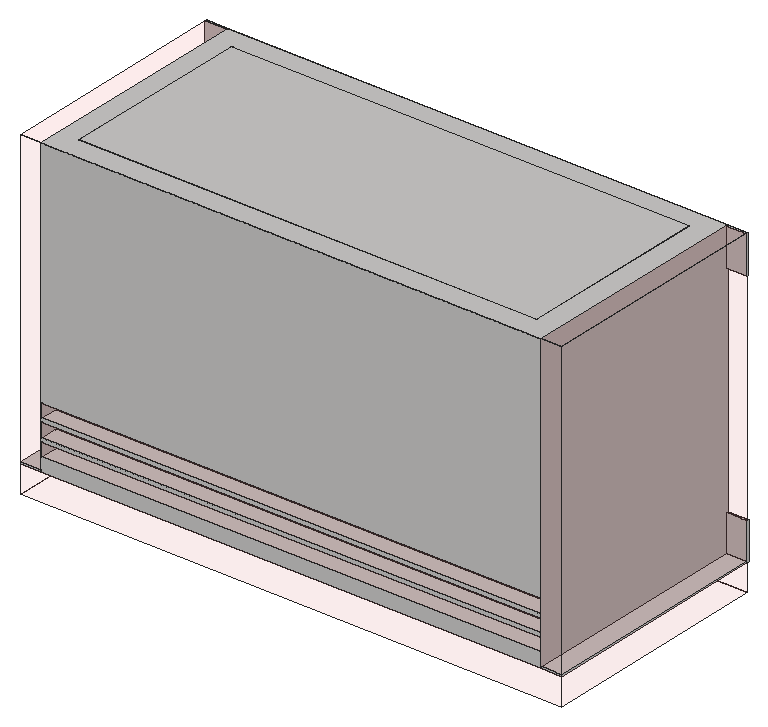
Revit family "Air-Curtain_Industrial_PoweredAire_Unheated", category Mechanical Equipment, host Face, Revit 2017
Family settings
  Host = Face
  Round Connector Dimension = Use Diameter
  Part Type = Normal
  OmniClass Number = 23.75.35.17.21
  OmniClass Title = Air Curtains
  Cut with Voids When Loaded = No
  Shared = No
  Room Calculation Point = No
Parameters
  topbrackets [instance] = and(Unit Height = 1' 4 3/4", Unit Depth = 1' 9 1/4")  # yes
  Warranty Duration (Years) = 0
  Unit Width Notes = "Other Widths available."  # constant formula
  Unit Width = 3' - 3"
  Unit Weight = 0
  Unit Height = 1' - 4 3/4"
  Unit Depth = 1' - 9 1/4"
  URL = "http://www.poweredaire.com/"
  Test Data = ""
  Standards Conformance = "as Specified"
  Specification = "http://www.arcat.com/sdspecs/htm04/23_34_33pai.htm"
  SpecWizard = ""
  Sound Pressure = "as Specified"
  Sales Information = "http://www.poweredaire.com/contact_us"
  Revision = "R1_2016-08"
  Projection from Host [instance] = 0' - 2"
  Product Properties = ""
  Product Data = "http://www.arcat.com/arcatcos/cos47/arc47623.html"
  Power Rating = 0 W
  Nozzle Width = if(1 = 1, Unit Width - 0' 3", 0' 0")  # 3' - 0"
  Mounting Width = if(1 = 1, Unit Width - 0' 1 1/2", 0' 0")  # 3' - 1 1/2"
  Mounting Height [instance] = 3' - 6"
  Motor RPM = 0
  Motor HP = 0
  Motor Count = 0
  Model = "As Specified"
  Max Height = 0' - 0"
  Manufacturer Website = "http://www.poweredaire.com/"
  Manufacturer Phone - Toll Free = "888-321-2473"
  Manufacturer Phone = "724-588-3305"
  Manufacturer Fax = "724-588-3371"
  Manufacturer Address = "109 Mortensen Rd.  Greenville, PA 16125"
  Manufacturer = "Powered Aire, Inc"
  Maintenance Schedule (Months) = 0
  Keynote = "23 34 33"
  Installation-Fabrication = ""
  Installation Phase = ""
  Include Clearance [instance] = yes
  Heating Element Load = 0 W
  HVAC_Temperature Rise = 0 °F
  HVAC_Outlet Volume = 0 CFM
  HVAC_Outlet Velocity Uniformity = 0
  HVAC_Outlet Velocity = 0 FPM
  Green Building-LEED = "http://www.arcat.com/green/clients/leed_data_47623.html"
  Front Grating Material [instance] = Metal - Steel - PoweredAire - Stainless 304 Perforated
  Frame Finish [instance] = Metal - Steel - PoweredAire - Stainless 304
  Expected Lifespan (Years) = 0
  Electrical_Wattage [instance] = Power Rating + Heating Element Load  # 0 W
  Electrical_Voltage [instance] = 0 V
  Electrical_Phase [instance] = 1
  Electrical_Frequency [instance] = 0 Hz
  Electrical_Amperage [instance] = 0 A
  Drawn By = "Sumex Design, Inc. / Robert S. Weygant, CSI, CDT, SCIP"
  Description = "Powered Aire Air Curtain as Specified"
  Default Elevation = 0' - 0"  # constant formula
  Copyright = "©Arcat Inc."
  Construction Details = "http://www.arcat.com/details/powair/prod3336.html"
  Clearance_Top [instance] = 0' - 0"
  Clearance_Side B [instance] = 0' - 0"
  Clearance_Side A [instance] = 0' - 0"
  Clearance_Intake [instance] = 0' - 0"
  Clearance_Bottom [instance] = 0' - 0"
  Clearance Material [instance] = ARCAT Clearance
  Building Codes = ""
  Available Options [instance] = "as Specified"
  Assembly Code = "D3090400"
Reference planes (in)
  plane 1 "Center (Elevation)": y = 8.51318
  plane 2: z = 0
  plane 3 "Center (Left/Right)": x = 0
  plane 4: y = 16.88818
  plane 5 "BoC": y = 0.13818
  plane 6: x = -19.5
  plane 7: x = 19.5
  plane 8: z = 23.25
  plane 9 "FF": y = -41.86182
  plane 10: z = 2
  plane 11: x = 18
  plane 12: x = -18
  plane 13: y = 16.88818
  plane 14: y = 0.13818
  plane 15: x = -19.5
  plane 16: x = 19.5
  plane 17: z = 23.25
  plane 18: y = 0.13818
  plane 19: x = 17.9375
  plane 20: x = -17.9375
Forms (in)
  Extrusion 1, solid, material "ARCAT Clearance" <- "Clearance Material", visible <- "Include Clearance"
    sketch origin (0, 0, 0) x (0, 1, 0) y (0, 0, 1)
      loop
        line (0.13818, 23.25) -> (0.13818, 0) -> (16.88818, 0) -> (16.88818, 23.25) -> (0.13818, 23.25)
    from -19.5 to 19.5
  Extrusion 2, solid, material "Metal - Steel - PoweredAire - Stainless 304" <- "Frame Finish"
    sketch origin (0, 8.51318, 0) x (1, 0, 0) y (0, 0, 1)
      loop
        line (18, 23.25) -> (-18, 23.25) -> (-18, 2) -> (18, 2) -> (18, 23.25)
    from -8.375 to 8.375
  Extrusion 3, void
    sketch origin (0, 0, 0) x (0, 1, 0) y (0, 0, 1)
      loop
        line (0.13818, 4) -> (0.13818, 3) -> (1.63818, 3) -> (1.63818, 6.5) -> (0.13818, 6.5) -> (0.13818, 5.5) -> (1.38818, 5.5) -> (1.38818, 5.25) -> (0.13818, 5.25) -> (0.13818, 4.25) -> (1.38818, 4.25) -> (1.38818, 4) -> (0.13818, 4)
    from -17.9375 to 17.9375
  Extrusion 4, solid, material "Metal - Steel - PoweredAire - Stainless 304" <- "Frame Finish"
    sketch origin (-15.17702, -180, 2) x (-1, 0, 0) y (0, -1, 0)
      loop
        line (-33.17702, -196.88818) -> (-33.17702, -180.13818) -> (-34.67702, -180.13818) -> (-34.67702, -196.88818) -> (-33.17702, -196.88818)
      loop
        line (2.82298, -196.88818) -> (4.32298, -196.88818) -> (4.32298, -180.13818) -> (2.82298, -180.13818) -> (2.82298, -196.88818)
    from 0 to 0.125
  Extrusion 5, solid, material "Metal - Steel - PoweredAire - Stainless 304" <- "Frame Finish", visible <- "topbrackets"
    sketch origin (-11.83813, 16.88818, 48) x (-1, 0, 0) y (0, 0, 1)
      loop
        line (7.66187, -46) -> (7.66187, -43.25) -> (6.16187, -43.25) -> (6.16187, -46) -> (7.66187, -46)
      loop
        line (-31.33813, -46) -> (-29.83813, -46) -> (-29.83813, -43.25) -> (-31.33813, -43.25) -> (-31.33813, -46)
      loop
        line (7.66187, -27.5) -> (7.66187, -24.75) -> (6.16187, -24.75) -> (6.16187, -27.5) -> (7.66187, -27.5)
      loop
        line (-31.33813, -27.5) -> (-29.83813, -27.5) -> (-29.83813, -24.75) -> (-31.33813, -24.75) -> (-31.33813, -27.5)
    from 0 to -0.125
  Extrusion 6, solid, material "Metal - Steel - PoweredAire - Stainless 304 Perforated" <- "Front Grating Material"
    sketch origin (18, 8.51318, 23.25) x (-1, 0, 0) y (0, -1, 0)
      loop
        line (1.5, -6.875) -> (34.5, -6.875) -> (34.5, 6.875) -> (1.5, 6.875) -> (1.5, -6.875)
    from 0 to 0.03125
Cuts and joins
  Extrusion 3 cuts Extrusion 2
Dimensions and locks (in)
  equal spacing: plane 4, plane 1 "Center (Elevation)", plane 5 "BoC"
  "Unit Height": plane 4 to plane 5 "BoC"
  equal spacing: plane 6, plane 3 "Center (Left/Right)", plane 7
  "Unit Width": plane 6 to plane 7
  "Mounting Height": plane 5 "BoC" to plane 9 "FF"
  "Projection from Host": plane 10 to level
  "Unit Depth": plane 8 to plane 10
  locked: plane 6 to plane 12 at 1.5
  locked: plane 11 to plane 7 at 1.5
  "Clearance_Side A": plane 7 to plane 16
  "Clearance_Side B": plane 15 to plane 6
  "Clearance_Top": plane 13 to plane 4
  "Clearance_Bottom": plane 5 "BoC" to plane 14
  "Clearance_Intake": plane 17 to plane 8
  locked: plane 7 to Extrusion 2 sketch curve at 1.5
  locked: Extrusion 2 sketch curve to plane 6 at 1.5
  locked: plane 18 to plane 5 "BoC" at 0
  Extrusion 5 sketch curve to Extrusion 5 sketch curve to plane 10 = 0' - 2 3/4" locked, 0' - 0" locked  (x2)
  locked: plane 12 to Extrusion 6 sketch curve at 1.5
  locked: Extrusion 6 sketch curve to plane 11 at 1.5
  locked: Extrusion 6 sketch curve to plane 5 "BoC" at 1.5
  locked: plane 20 to plane 12 at 0.0625
  locked: plane 11 to plane 19 at 0.0625
  Extrusion 3 sketch curve to Extrusion 3 sketch curve to Extrusion 3 sketch curve to Extrusion 3 sketch curve to Extrusion 3 sketch curve to Extrusion 3 sketch curve to plane 10 = 0' - 1" locked, 0' - 0 1/4" locked, 0' - 1" locked, 0' - 0 1/4" locked, 0' - 1" locked, 0' - 1" locked
  locked: plane 4 to Extrusion 6 sketch curve at 1.5
  locked: Extrusion 5 sketch curve to Extrusion 5 sketch curve at 2.75  (x2)
  aligned and locked: plane 2 to host face
  aligned and locked: level to host face
  aligned and locked: Extrusion 1 sketch curve to plane 17
  aligned and locked: plane 14 to Extrusion 1 sketch curve
  aligned and locked: level to Extrusion 1 sketch curve
  aligned and locked: Extrusion 1 sketch curve to plane 13
  aligned and locked: plane 16 to Extrusion 1
  aligned and locked: Extrusion 1 to plane 15
  aligned and locked: Extrusion 2 to plane 4
  aligned and locked: Extrusion 2 to plane 18
  aligned and locked: Extrusion 4 sketch curve to plane 4  (x2)
  aligned and locked: Extrusion 2 sketch curve to plane 10
  aligned and locked: Extrusion 3 to plane 20
  aligned and locked: plane 19 to Extrusion 3
  aligned and locked: Extrusion 2 sketch curve to plane 8
  aligned and locked: Extrusion 5 sketch curve to plane 8  (x2)
  aligned and locked: plane 18 to Extrusion 4 sketch curve  (x2)
Automatic sketch dimensions
  host sketch curve to host sketch curve = 8' - 0"  (x2)
  Extrusion 4 sketch curve to plane 7 = 0' - 0"
  Extrusion 4 sketch curve to plane 11 = 0' - 0"
  Extrusion 4 sketch curve to plane 12 = 0' - 0"
  Extrusion 4 sketch curve to plane 6 = 0' - 0"
  Extrusion 3 sketch curve to plane 5 "BoC" = 0' - 0"  (x3)
  plane 18 to Extrusion 3 sketch curve = 0' - 1 1/4"
  Extrusion 3 sketch curve to Extrusion 3 sketch curve = 0' - 0"
  Extrusion 3 sketch curve to Extrusion 3 sketch curve = 0' - 0 1/4"
  Extrusion 5 sketch curve to plane 7 = 0' - 0"  (x2)
  Extrusion 5 sketch curve to plane 11 = 0' - 0"  (x2)
  Extrusion 5 sketch curve to plane 12 = 0' - 0"  (x2)
  Extrusion 5 sketch curve to plane 6 = 0' - 0"  (x2)
Connectors (in)
  electrical at (-18, 8.51318, 12.625), driven by "Electrical_Voltage", driven by "Electrical_Phase"
    settings: on cut or joined group of Extrusion 2, Extrusion 3, index 1, voltage 0 V, apparent load 0 VA, apparent load phase1 0 VA, apparent load phase2 0 VA, apparent load phase3 0 VA, power factor 1, load classification "Other", number of poles 1, system type 31, power factor state 1, is connector primary yes, connector utility no, sub classification motor no, connector description ""
